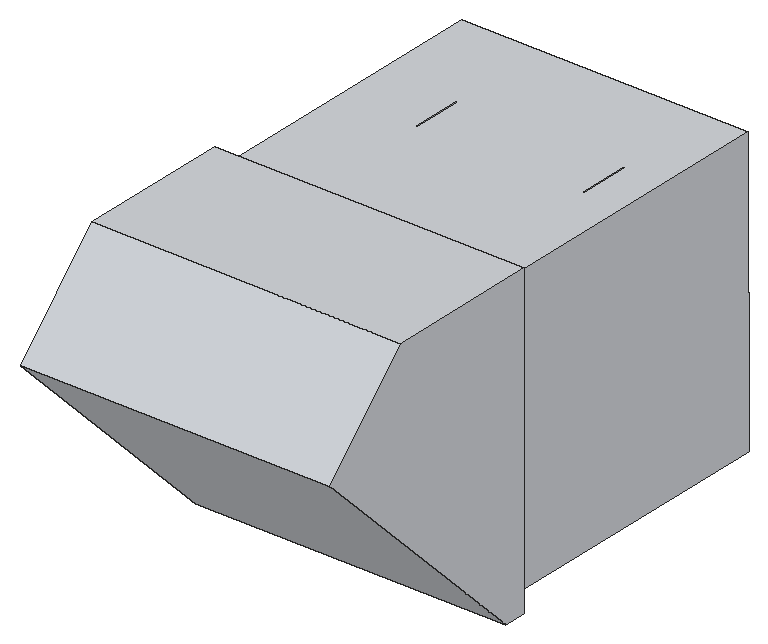
Revit family "EPB", category Mechanical Equipment, Revit 2019
Family settings
  Round Connector Dimension = Use Diameter
  Part Type = Normal
  Work Plane-Based = No
  Always vertical = Yes
  Cut with Voids When Loaded = No
  Shared = No
  Room Calculation Point = No
Parameters (values of type "24_EPB")
  WO_PAC = B_PAC + 0' 0 1/4"  # 3' - 1 1/4"
  WH_C = 3' - 7"
  WH_B/2 = WH_B / 2  # 1' - 8"
  WH_B = 3' - 4"
  WH_A = 2' - 7 7/16"
  WEATHER_HOOD [instance] = yes
  Unit Weight [instance] = ""
  Sones [instance] = ""
  SIZE/2 = SIZE / 2  # 1' - 2 15/16"
  SIZE = D - 0' 0 1/8"  # 2' - 5 7/8"
  Motor RPM [instance] = ""
  Motor Enclosure [instance] = ""
  ModelID [instance] = ""
  MOTOR = D / 10  # 0' - 3"
  LwA [instance] = ""
  Fan RPM [instance] = ""
  D_PAC/2 = D_PAC / 2 - 0' 4"  # 1' - 3"
  D_PAC = 3' - 2"
  D/2 = D / 2  # 1' - 3"
  D = 2' - 6"
  E/2 = E / 2  # 0' - 1 1/2"
  E = 0' - 3"  # constant formula
  C_PAC/2 = C_PAC / 2  # 1' - 4 3/4"
  C_PAC = 2' - 9 1/2"
  C/2 = C / 2  # 0' - 3 5/16"
  C = 0' - 6 5/8"
  B_PAC/2 = B_PAC / 2  # 1' - 6 1/2"
  B_PAC = 3' - 1"
  B/4 = B / 4  # 0' - 5"
  B/2 = B / 2  # 0' - 10"
  B = 1' - 8"
  Accessories [instance] = ""
  A_PAC/2 = A_PAC / 2  # 1' - 7 3/4"
  A_PAC = 3' - 3 1/2"
  A/7 = A / 7  # 0' - 5.16964"
  A/3.5 = A / 3.5  # 0' - 10.33929"
  A/2 = A / 2  # 1' - 6 3/32"
  A = 3' - 0 3/16"
  90 = 90.00°
  9" = 0' - 9"  # constant formula
  4'6" = 4' - 6"  # constant formula
  3" = 0' - 3"  # constant formula
  Brake Hp [instance] = ""
  4" = 0' - 4"  # constant formula
  2' = 2' - 0"
  2" = 0' - 2"  # constant formula
  135 = 135.00°
  1" = 0' - 1"  # constant formula
  0 = 0' - 0"  # constant formula
  Voltage [instance] = 0 V
  URL = "www.lorencook.com"
  Type Comments = "Packaged Exhaust Wall Fan Extruded Aluminum Propeller Belt Drive"  # constant formula
  Static Pressure [instance] = 0.00 in-wg
  Power [instance] = Voltage * Motor FLA * sqrt(if(Phase = 3, 3, 1))  # 0 VA
  Phase [instance] = 0
  Number of Poles [instance] = 1
  Motor Hp [instance] = "0"
  Motor FLA [instance] = 0 A
  Model = "EPB"  # constant formula
  Manufacturer = "Loren Cook Company"
  CFM [instance] = 0 CFM
  1.5 = 0' - 1 1/2"  # constant formula
  HALF = 0' - 0 1/2"  # constant formula
  ONE EIGTH = 0' - 0 1/8"  # constant formula
  -WH_B/2 = -WH_B / 2  # -1' - 8"
  -D_PAC/2 = -D_PAC / 2 - 0' 4"  # -1' - 11"
  -D = -E  # -0' - 3"
  -C/2 = -C / 2  # -0' - 3 5/16"
  -B+1" = -B + 0' 2"  # -1' - 6"
  -B = -B  # -1' - 8"
  -((SIZE/2)-.25") = -((SIZE / 2) - 0' 0 1/4")  # -1' - 2 11/16"
  -((A/2)-C-.5") = -((A / 2) - C - 0' 0 1/2")  # -0' - 10 31/32"
  (SIZE/2)-.25" = (SIZE / 2) - 0' 0 1/4"  # 1' - 2 11/16"
  (D_SUP/2)-(C/2)-.125" = (D / 2) - (C / 2) - 0' 0 1/8"  # 0' - 11 9/16"
  (A/2)-C-.5" = (A / 2) - C - 0' 0 1/2"  # 0' - 10 31/32"
  (A/2)-1" = (A / 2) - 0' 0 1/4"  # 1' - 5 27/32"
Types (9): name | WO_PAC | WH_C | WH_B/2 | WH_B | WH_A | SIZE/2 | SIZE | MOTOR | D_PAC/2 | D_PAC | D/2 | D | C_PAC/2 | C_PAC | C/2 | C | B_PAC/2 | B_PAC | B/4 | B/2 | B | A_PAC/2 | A_PAC | A/7 | A/3.5 | A/2 | A | -WH_B/2 | -D_PAC/2 | -C/2 | -B+1" | -B | -((SIZE/2)-.25") | -((A/2)-C-.5") | (SIZE/2)-.25" | (D_SUP/2)-(C/2)-.125" | (A/2)-C-.5" | (A/2)-1"
  (no name) | 3' - 1 1/4" | 3' - 7" | 1' - 8" | 3' - 4" | 2' - 7 7/16" | 1' - 2 15/16" | 2' - 5 7/8" | 0' - 3" | 1' - 3" | 3' - 2" | 1' - 3" | 2' - 6" | 1' - 4 3/4" | 2' - 9 1/2" | 0' - 3 5/16" | 0' - 6 5/8" | 1' - 6 1/2" | 3' - 1" | 0' - 5" | 0' - 10" | 1' - 8" | 1' - 7 3/4" | 3' - 3 1/2" | 0' - 5.16964" | 0' - 10.33929" | 1' - 6 3/32" | 3' - 0 3/16" | -1' - 8" | -1' - 11" | -0' - 3 5/16" | -1' - 6" | -1' - 8" | -1' - 2 11/16" | -0' - 10 31/32" | 1' - 2 11/16" | 0' - 11 9/16" | 0' - 10 31/32" | 1' - 5 27/32"
  24_EPB | 3' - 1 1/4" | 3' - 7" | 1' - 8" | 3' - 4" | 2' - 7 7/16" | 1' - 2 15/16" | 2' - 5 7/8" | 0' - 3" | 1' - 3" | 3' - 2" | 1' - 3" | 2' - 6" | 1' - 4 3/4" | 2' - 9 1/2" | 0' - 3 5/16" | 0' - 6 5/8" | 1' - 6 1/2" | 3' - 1" | 0' - 5" | 0' - 10" | 1' - 8" | 1' - 7 3/4" | 3' - 3 1/2" | 0' - 5.16964" | 0' - 10.33929" | 1' - 6 3/32" | 3' - 0 3/16" | -1' - 8" | -1' - 11" | -0' - 3 5/16" | -1' - 6" | -1' - 8" | -1' - 2 11/16" | -0' - 10 31/32" | 1' - 2 11/16" | 0' - 11 9/16" | 0' - 10 31/32" | 1' - 5 27/32"
  30_EPB | 3' - 7 1/4" | 4' - 1" | 1' - 11" | 3' - 10" | 2' - 11 11/16" | 1' - 5 15/16" | 2' - 11 7/8" | 0' - 3.6" | 1' - 3 3/4" | 3' - 3 1/2" | 1' - 6" | 3' - 0" | 1' - 7 3/4" | 3' - 3 1/2" | 0' - 3 3/8" | 0' - 6 3/4" | 1' - 9 1/2" | 3' - 7" | 0' - 5 1/4" | 0' - 10 1/2" | 1' - 9" | 1' - 10 3/4" | 3' - 9 1/2" | 0' - 6.02679" | 1' - 0.05357" | 1' - 9 3/32" | 3' - 6 3/16" | -1' - 11" | -1' - 11 3/4" | -0' - 3 3/8" | -1' - 7" | -1' - 9" | -1' - 5 11/16" | -1' - 1 27/32" | 1' - 5 11/16" | 1' - 2 1/2" | 1' - 1 27/32" | 1' - 8 27/32"
  36_EPB | 4' - 1 5/16" | 4' - 7" | 2' - 2" | 4' - 4" | 3' - 3 15/16" | 1' - 8 15/16" | 3' - 5 7/8" | 0' - 4.2" | 1' - 4 1/2" | 3' - 5" | 1' - 9" | 3' - 6" | 1' - 10 3/4" | 3' - 9 1/2" | 0' - 3 5/8" | 0' - 7 1/4" | 2' - 0 17/32" | 4' - 1 1/16" | 0' - 5 1/4" | 0' - 10 1/2" | 1' - 9" | 2' - 1 3/4" | 4' - 3 1/2" | 0' - 6.88393" | 1' - 1.76786" | 2' - 0 3/32" | 4' - 0 3/16" | -2' - 2" | -2' - 0 1/2" | -0' - 3 5/8" | -1' - 7" | -1' - 9" | -1' - 8 11/16" | -1' - 4 11/32" | 1' - 8 11/16" | 1' - 5 1/4" | 1' - 4 11/32" | 1' - 11 27/32"
  42_EPB | 4' - 7 5/16" | 5' - 1" | 2' - 5" | 4' - 10" | 3' - 8 3/16" | 1' - 11 15/16" | 3' - 11 7/8" | 0' - 4.8" | 1' - 9 1/2" | 4' - 3" | 2' - 0" | 4' - 0" | 2' - 1 3/4" | 4' - 3 1/2" | 0' - 4 1/32" | 0' - 8 1/16" | 2' - 3 17/32" | 4' - 7 1/16" | 0' - 5 1/4" | 0' - 10 1/2" | 1' - 9" | 2' - 4 3/4" | 4' - 9 1/2" | 0' - 7.74107" | 1' - 3.48214" | 2' - 3 3/32" | 4' - 6 3/16" | -2' - 5" | -2' - 5 1/2" | -0' - 4 1/32" | -1' - 7" | -1' - 9" | -1' - 11 11/16" | -1' - 6 17/32" | 1' - 11 11/16" | 1' - 7 27/32" | 1' - 6 17/32" | 2' - 2 27/32"
  48_EPB | 5' - 1 3/8" | 5' - 7" | 2' - 8" | 5' - 4" | 4' - 0 7/16" | 2' - 2 15/16" | 4' - 5 7/8" | 0' - 5.4" | 1' - 8" | 4' - 0" | 2' - 3" | 4' - 6" | 2' - 4 3/4" | 4' - 9 1/2" | 0' - 4 1/32" | 0' - 8 1/16" | 2' - 6 9/16" | 5' - 1 1/8" | 0' - 6" | 1' - 0" | 2' - 0" | 2' - 7 3/4" | 5' - 3 1/2" | 0' - 8.59821" | 1' - 5.19643" | 2' - 6 3/32" | 5' - 0 3/16" | -2' - 8" | -2' - 4" | -0' - 4 1/32" | -1' - 10" | -2' - 0" | -2' - 2 11/16" | -1' - 9 17/32" | 2' - 2 11/16" | 1' - 10 27/32" | 1' - 9 17/32" | 2' - 5 27/32"
  54_EPB | 5' - 7 3/8" | 6' - 1" | 2' - 11" | 5' - 10" | 4' - 4 5/8" | 2' - 5 15/16" | 4' - 11 7/8" | 0' - 6" | 1' - 8" | 4' - 0" | 2' - 6" | 5' - 0" | 2' - 7 3/4" | 5' - 3 1/2" | 0' - 4 1/32" | 0' - 8 1/16" | 2' - 9 9/16" | 5' - 7 1/8" | 0' - 6 3/4" | 1' - 1 1/2" | 2' - 3" | 2' - 10 3/4" | 5' - 9 1/2" | 0' - 9.45536" | 1' - 6.91071" | 2' - 9 3/32" | 5' - 6 3/16" | -2' - 11" | -2' - 4" | -0' - 4 1/32" | -2' - 1" | -2' - 3" | -2' - 5 11/16" | -2' - 0 17/32" | 2' - 5 11/16" | 2' - 1 27/32" | 2' - 0 17/32" | 2' - 8 27/32"
  60_EPB | 6' - 1 3/8" | 6' - 7" | 3' - 2" | 6' - 4" | 4' - 8 13/16" | 2' - 8 15/16" | 5' - 5 7/8" | 0' - 6.6" | 1' - 8" | 4' - 0" | 2' - 9" | 5' - 6" | 2' - 10 3/4" | 5' - 9 1/2" | 0' - 4 1/32" | 0' - 8 1/16" | 3' - 0 9/16" | 6' - 1 1/8" | 0' - 6 3/4" | 1' - 1 1/2" | 2' - 3" | 3' - 1 3/4" | 6' - 3 1/2" | 0' - 10 5/16" | 1' - 8 5/8" | 3' - 0 3/32" | 6' - 0 3/16" | -3' - 2" | -2' - 4" | -0' - 4 1/32" | -2' - 1" | -2' - 3" | -2' - 8 11/16" | -2' - 3 17/32" | 2' - 8 11/16" | 2' - 4 27/32" | 2' - 3 17/32" | 2' - 11 27/32"
  72_EPB | 7' - 1 3/8" | 7' - 7" | 3' - 8" | 7' - 4" | 5' - 5 7/16" | 3' - 3 1/16" | 6' - 6 1/8" | 0' - 7.825" | 1' - 9 1/2" | 4' - 3" | 3' - 3 1/8" | 6' - 6 1/4" | 3' - 4 3/4" | 6' - 9 1/2" | 0' - 4 5/8" | 0' - 9 1/4" | 3' - 6 9/16" | 7' - 1 1/8" | 0' - 6 3/4" | 1' - 1 1/2" | 2' - 3" | 3' - 7 3/4" | 7' - 3 1/2" | 1' - 0.02679" | 2' - 0.05357" | 3' - 6 3/32" | 7' - 0 3/16" | -3' - 8" | -2' - 5 1/2" | -0' - 4 5/8" | -2' - 1" | -2' - 3" | -3' - 2 13/16" | -2' - 8 11/32" | 3' - 2 13/16" | 2' - 10 3/8" | 2' - 8 11/32" | 3' - 5 27/32"
Reference planes (in)
  plane 1 "Center (Front/Back)": y = 0
  plane 2: z = 0
  plane 3 "Center (Left/Right)": x = 0.40541
Forms (in)
  Revolve 1, solid
    sketch origin (0.40541, 0, 0) x (0, 1, 0) y (0, 0, 1)
      loop
        line (-4.3125, 3.3125) -> (-4.3125, 0) -> (-3.3125, 0) -> (-3.3125, 3.3125) -> (-4.3125, 3.3125)
      axis (-4.3125, 0) -> (-3.3125, 0)
    angle from 0 to 360
  Extrusion 2, solid
    sketch origin (0.40541, 0, 0) x (0, 1, 0) y (0, 0, 1)
      loop
        line (0, -3.3125) -> (-6.625, 3.3125) -> (-6.71339, 3.22411) -> (-0.08839, -3.40089) -> (0, -3.3125)
    from 48 to 3.3125 <- "C/2"
  Extrusion 3, solid
    sketch origin (0.40541, 0, 0) x (0, 1, 0) y (-1, 0, 0)
      loop
        line (0, -3.3125) -> (-6.625, 3.3125) -> (-6.71339, 3.22411) -> (-0.08839, -3.40089) -> (0, -3.3125)
    from 48 to 3.3125 <- "C/2"
  Extrusion 4, solid
    sketch origin (0.40541, 0, 0) x (0, 1, 0) y (0, 0, -1)
      loop
        line (0, -3.3125) -> (-6.625, 3.3125) -> (-6.71339, 3.22411) -> (-0.08839, -3.40089) -> (0, -3.3125)
    from 48 to 3.3125 <- "C/2"
  Extrusion 5, solid
    sketch origin (0.40541, 0, 0) x (1, 0, 0) y (0, 1, 0)
      loop
        line (-3.3125, 0) -> (-3.40089, -0.08839) -> (3.22411, -6.71339) -> (3.3125, -6.625) -> (-3.3125, 0)
    from -48 to -3.3125 <- "-C/2"
  Extrusion 6, void
    sketch origin (0, 0, 0) x (1, 0, 0) y (0, 0, 1)
      loop
        circle (0.40541, 0) r 11.5625
      loop
        circle (0.40541, 0) r 54
    from 0 to 10
  Extrusion 7, solid
    sketch origin (0, 0, 0) x (1, 0, 0) y (0, 0, 1)
      loop
        line (-17.68834, 18.09375) -> (-17.68834, -18.09375) -> (18.49916, -18.09375) -> (18.49916, 18.09375) -> (-17.68834, 18.09375)
      loop
        circle (0.40541, 0) r 15
    from 0 to -0.125
  Extrusion 8, solid
    sketch origin (0, 0, 0) x (1, 0, 0) y (0, 0, 1)
      loop
        line (-17.68834, 18.09375) -> (-17.68834, -18.09375) -> (18.49916, -18.09375) -> (18.49916, 18.09375) -> (-17.68834, 18.09375)
      loop
        line (18.37416, -17.96875) -> (18.37416, 17.96875) -> (-17.56334, 17.96875) -> (-17.56334, -17.96875) -> (18.37416, -17.96875)
    from 0 to -3 <- "-D"
  Extrusion 9, solid
    sketch origin (0, 0, 0) x (1, 0, 0) y (0, 0, 1)
      loop
        circle (0.40541, 0) r 1
    from 2 to -20 <- "-B"
  Extrusion 10, solid
    sketch origin (0, 0, 0) x (1, 0, 0) y (0, 0, 1)
      loop
        line (-9.93387, -2) -> (-9.93387, -11) -> (-9.80887, -11) -> (-9.80887, -3.5) -> (10.6197, -3.5) -> (10.6197, -11) -> (10.7447, -11) -> (10.7447, -2) -> (-9.93387, -2)
    from 0 to -18 <- "-B+1""
  Sweep 11, solid
    path origin (0.40541, 0, 0) x (0, 1, 0) y (0, 0, 1)
      loop
        line (0.125, 16.96875) -> (12, 16.96875)
        arc (12, 16.96875) -> (15.53553, 15.50428) -> (17, 11.96875) r 5
        line (17, 11.96875) -> (17, -11.96875)
        arc (17, -11.96875) -> (15.53553, -15.50428) -> (12, -16.96875) r 5
        line (12, -16.96875) -> (0.125, -16.96875)
    profile origin (0.40541, 6.0625, 16.96875) x (0, 0, 1) y (1, 0, 0)
      loop
        circle (0, -10.83929) r 0.5
      loop
        circle (0, 10.83929) r 0.5
  Revolve 12, solid
    sketch origin (0.40541, 0, 0) x (0, 1, 0) y (0, 0, 1)
      loop
        arc (-0.125, 15) -> (-3.4375, 11.6875) -> (-6.75, 15) r 3.3125
        line (-6.75, 15) -> (-6.875, 15)
        arc (-6.875, 15) -> (-3.4375, 11.5625) -> (0, 15) r 3.4375
        line (0, 15) -> (-0.125, 15)
      axis (-6.875, 0) -> (0, 0)
    angle from 0 to 360
  Extrusion 13, solid
    sketch origin (0, 18, 0) x (-1, 0, 0) y (0, 0, 1)
      loop
        circle (-0.40541, -6.5) r 3
    from 0 to -18 <- "-B+1""
  Extrusion 14, solid
    sketch origin (0, 20, 0) x (-1, 0, 0) y (0, 0, 1)
      loop
        circle (-0.40541, -6.5) r 1
    from 0 to -2
  Extrusion 15, solid
    sketch origin (0, 18, 0) x (-1, 0, 0) y (0, 0, 1)
      loop
        line (-3.40541, -0.5) -> (-3.40541, -2) -> (2.59459, -2) -> (2.59459, -0.5) -> (1.53108, -0.5)
        arc (1.53108, -0.5) -> (-0.40541, 2) -> (-2.3419, -0.5) r 2
        line (-2.3419, -0.5) -> (-3.40541, -0.5)
    from -2.5 to -1
  Extrusion 16, solid
    sketch origin (0, 0, 0) x (1, 0, 0) y (0, 0, 1)
      loop
        arc (2.3419, -0.5) -> (0.40541, 2) -> (-1.53108, -0.5) r 2
        line (-1.53108, -0.5) -> (-2.59459, -0.5) -> (-2.59459, -2) -> (3.40541, -2) -> (3.40541, -0.5) -> (2.3419, -0.5)
    from -2.5 to -1
  Extrusion 17, solid
    sketch origin (0, 0, 0) x (1, 0, 0) y (0, 0, 1)
      loop
        line (-17.96959, 18.375) -> (-17.96959, -18.375) -> (18.78041, -18.375) -> (18.78041, 18.375) -> (-17.96959, 18.375)
      loop
        line (18.90541, -18.5) -> (18.90541, 18.5) -> (-18.09459, 18.5) -> (-18.09459, -18.5) -> (18.90541, -18.5)
    from -23 <- "-D_PAC/2" to 15 <- "D_PAC/2"
  Extrusion 18, solid
    sketch origin (0, -15, 0) x (1, 0, 0) y (0, 0, 1)
      loop
        line (-16.34459, 16.75) -> (-16.34459, -16.75) -> (17.15541, -16.75) -> (17.15541, 16.75) -> (-16.34459, 16.75)
      loop
        line (20.15541, -19.75) -> (20.15541, 19.75) -> (-19.34459, 19.75) -> (-19.34459, -19.75) -> (20.15541, -19.75)
    from 0 to 0.125
  Extrusion 19, solid
    sketch origin (0, -15.125, 0) x (1, 0, 0) y (0, 0, 1)
      loop
        line (-14.34459, 14.75) -> (-14.34459, -14.75) -> (15.15541, -14.75) -> (15.15541, 14.75) -> (-14.34459, 14.75)
      loop
        line (17.15541, -16.75) -> (17.15541, 16.75) -> (-16.34459, 16.75) -> (-16.34459, -16.75) -> (17.15541, -16.75)
    from 0 to 2
  Extrusion 20, solid, visible <- "WEATHER_HOOD"
    sketch origin (0.40541, 0, 0) x (0, 1, 0) y (0, 0, 1)
      loop
        line (-15.125, 20) -> (-35, 20) -> (-46.5625, 8.4375) -> (-18.125, -20) -> (-15.125, -20) -> (-15.125, 20)
    from 20 <- "WH_B/2" to -20 <- "-WH_B/2"
Cuts and joins
  Extrusion 6 cuts Revolve 1
  Extrusion 6 cuts Extrusion 2
  Extrusion 6 cuts Extrusion 3
  Extrusion 6 cuts Extrusion 4
  Extrusion 6 cuts Extrusion 5
Dimensions and locks (in)
  "0": Revolve 1 sketch curve to level  (x2)
  "C/2": Revolve 1 sketch curve to level
  "C/2": plane 1 "Center (Front/Back)" to Revolve 1 sketch curve
  "1"": Revolve 1 sketch curve to Revolve 1 sketch curve
  "0": Extrusion 2 sketch curve to plane 1 "Center (Front/Back)"
  "C": plane 1 "Center (Front/Back)" to Extrusion 2 sketch curve
  "C/2": Extrusion 2 sketch curve to level
  "C/2": level to Extrusion 2 sketch curve
  "ONE EIGTH": Extrusion 2 sketch curve to Extrusion 2 sketch curve
  "ONE EIGTH": Extrusion 3 sketch curve to Extrusion 3 sketch curve
  "ONE EIGTH": Extrusion 4 sketch curve to Extrusion 4 sketch curve
  "ONE EIGTH": Extrusion 5 sketch curve to Extrusion 5 sketch curve
  Extrusion 6 sketch curve to plane 3 "Center (Left/Right)" = 0' - 0"  (x2)
  level to Extrusion 6 sketch curve = 0' - 0"
  Extrusion 6 sketch curve to level = 0' - 0"
  "0": Extrusion 3 sketch curve to plane 1 "Center (Front/Back)"
  "C": Extrusion 3 sketch curve to plane 1 "Center (Front/Back)"
  "C/2": plane 3 "Center (Left/Right)" to Extrusion 3 sketch curve
  "C/2": Extrusion 3 sketch curve to plane 3 "Center (Left/Right)"
  "C": plane 1 "Center (Front/Back)" to Extrusion 4 sketch curve
  "0": Extrusion 4 sketch curve to plane 1 "Center (Front/Back)"
  "C/2": level to Extrusion 4 sketch curve
  "C/2": Extrusion 4 sketch curve to level
  "0": Extrusion 5 sketch curve to plane 1 "Center (Front/Back)"
  "C": Extrusion 5 sketch curve to plane 1 "Center (Front/Back)"
  "C/2": plane 3 "Center (Left/Right)" to Extrusion 5 sketch curve
  "C/2": Extrusion 5 sketch curve to plane 3 "Center (Left/Right)"
  "A/2": plane 3 "Center (Left/Right)" to Extrusion 7 sketch curve
  "A/2": Extrusion 7 sketch curve to plane 3 "Center (Left/Right)"
  "A/2": Extrusion 7 sketch curve to level
  "A/2": level to Extrusion 7 sketch curve
  "0": Extrusion 7 sketch curve to level
  "0": Extrusion 7 sketch curve to plane 3 "Center (Left/Right)"
  "ONE EIGTH": Extrusion 8 sketch curve to Extrusion 8 sketch curve  (x4)
  "A/2": plane 3 "Center (Left/Right)" to Extrusion 8 sketch curve  (x2)
  "A/2": level to Extrusion 8 sketch curve
  "A/2": Extrusion 8 sketch curve to level
  "0": Extrusion 9 sketch curve to level
  "0": Extrusion 9 sketch curve to plane 3 "Center (Left/Right)"
  "2"": level to Extrusion 10 sketch curve
  "9"": Extrusion 10 sketch curve to Extrusion 10 sketch curve  (x2)
  "A/3.5": Extrusion 10 sketch curve to plane 3 "Center (Left/Right)"
  "A/3.5": plane 3 "Center (Left/Right)" to Extrusion 10 sketch curve
  "ONE EIGTH": Sweep 11 sketch curve to plane 1 "Center (Front/Back)"  (x2)
  "1"": Extrusion 8 to Sweep 11 sketch curve  (x2)
  "0": Sweep 11 sketch curve to profile plane  (x2)
  "HALF": Sweep 11 sketch curve to Extrusion 10  (x2)
  "0": Revolve 12 sketch curve to level
  "D/2": Revolve 12 sketch curve to level  (x2)
  "C": Revolve 12 sketch curve to Revolve 12 sketch curve
  "ONE EIGTH": plane 1 "Center (Front/Back)" to Revolve 12 sketch curve
  "ONE EIGTH": Revolve 12 sketch curve to Revolve 12 sketch curve  (x2)
  "0": Revolve 12 sketch curve to Revolve 12 sketch curve
  "ONE EIGTH": Extrusion 10 sketch curve to Extrusion 10 sketch curve  (x2)
  "1.5": Extrusion 10 sketch curve to Extrusion 10 sketch curve
  "1"": Extrusion 10 to Sweep 11 sketch curve
  "0": Extrusion 13 sketch curve to plane 3 "Center (Left/Right)"
  "MOTOR": Extrusion 13 sketch curve to Extrusion 10
  "0": Extrusion 14 sketch curve to plane 3 "Center (Left/Right)"
  "MOTOR": Extrusion 14 sketch curve to Extrusion 10
  "0": Extrusion 10 to Extrusion 15 sketch curve
  "1.5": Extrusion 15 sketch curve to Extrusion 15 sketch curve
  "3"": plane 3 "Center (Left/Right)" to Extrusion 15 sketch curve  (x2)
  "0": Extrusion 15 sketch curve to plane 3 "Center (Left/Right)"
  "0": level to Extrusion 15 sketch curve
  "0": Extrusion 16 sketch curve to plane 3 "Center (Left/Right)"
  "0": Extrusion 16 sketch curve to level
  "0": Extrusion 10 to Extrusion 16 sketch curve
  "1.5": Extrusion 10 to Extrusion 16 sketch curve
  "3"": plane 3 "Center (Left/Right)" to Extrusion 16 sketch curve  (x2)
  "ONE EIGTH": Extrusion 17 sketch curve to Extrusion 17 sketch curve  (x4)
  "B_PAC/2": Extrusion 17 sketch curve to level
  "B_PAC/2": level to Extrusion 17 sketch curve
  "B_PAC/2": plane 3 "Center (Left/Right)" to Extrusion 17 sketch curve  (x2)
  "C_PAC/2": plane 3 "Center (Left/Right)" to Extrusion 18 sketch curve  (x2)
  "A_PAC/2": Extrusion 18 sketch curve to plane 3 "Center (Left/Right)"
  "A_PAC/2": plane 3 "Center (Left/Right)" to Extrusion 18 sketch curve
  "A_PAC/2": Extrusion 18 sketch curve to level
  "A_PAC/2": level to Extrusion 18 sketch curve
  "C_PAC/2": level to Extrusion 18 sketch curve
  "C_PAC/2": Extrusion 18 sketch curve to level
  "2"": Extrusion 19 sketch curve to Extrusion 19 sketch curve  (x4)
  "C_PAC/2": Extrusion 19 sketch curve to level
  "C_PAC/2": level to Extrusion 19 sketch curve
  "C_PAC/2": plane 3 "Center (Left/Right)" to Extrusion 19 sketch curve  (x2)
  "3"": Extrusion 20 sketch curve to Extrusion 20 sketch curve
  "0": Extrusion 18 to Extrusion 20 sketch curve
  "WH_A": Extrusion 20 sketch curve to Extrusion 20 sketch curve
  "WH_B/2": Extrusion 20 sketch curve to level
  "WH_B/2": level to Extrusion 20 sketch curve
  "(D_SUP/2)-(C/2)-.125"": radius of Extrusion 6 sketch curve
  "D/2": radius of Extrusion 7 sketch curve
  "1"": radius of Extrusion 9 sketch curve
  "B/4": radius of Sweep 11 sketch curve  (x2)
  "HALF": radius of Sweep 11 sketch curve  (x2)
  "MOTOR": radius of Extrusion 13 sketch curve
  "1"": radius of Extrusion 14 sketch curve
  "2"": radius of Extrusion 15 sketch curve
  "2"": radius of Extrusion 16 sketch curve
  "4'6"": radius of Extrusion 6 sketch curve
  "135": angle Extrusion 20 sketch curve to Extrusion 20 sketch curve
  "90": angle Extrusion 20 sketch curve to Extrusion 20 sketch curve
Automatic sketch dimensions
  Revolve 1 sketch curve to plane 1 "Center (Front/Back)" = 0' - 0"
  Revolve 1 sketch curve to Revolve 1 sketch curve = 2' - 2"
  plane 1 "Center (Front/Back)" to Revolve 12 sketch curve = 0' - 3 1/4"
  Revolve 12 sketch curve to Revolve 12 sketch curve = 0' - 1.44822"
  Extrusion 15 sketch curve to Extrusion 15 sketch curve = 0' - 1.06351"
  Extrusion 16 sketch curve to Extrusion 16 sketch curve = 0' - 1.06351"
  Extrusion 16 sketch curve to Extrusion 16 sketch curve = 0' - 0"  (x2)
Connectors (in)
  electrical at (0.40541, 0, -6.5)
    settings: on Extrusion 13, index 2, voltage 0 V, apparent load 0 VA, apparent load phase1 0 VA, apparent load phase2 0 VA, apparent load phase3 0 VA, power factor 1, load classification "Other", number of poles 1, system type 30, power factor state 1, is connector primary yes, connector utility no, sub classification motor no, connector description ""
  hvac at (0.40541, -17.125, 0), driven by "CFM", driven by "WO_PAC", driven by "WO_PAC"
    settings: on Extrusion 19, index 3, duct flow 0 CFM, flow factor 0, pres drop 0.00 in-wg, loss coef 0, conn angle 0.00°, conn width 37 1/4", conn height 37 1/4", conn diameter 24", duct sys type 3, conn prof type 1, flow config 0, flow direction 2, loss method 0, conn ref index -1, conn util no, is conn primary yes, conn desc ""
  hvac at (0.40541, 23, 0), driven by "CFM", driven by "WO_PAC", driven by "WO_PAC"
    settings: on Extrusion 17, index 4, duct flow 0 CFM, flow factor 0, pres drop 0.00 in-wg, loss coef 0, conn angle 0.00°, conn width 37 1/4", conn height 37 1/4", conn diameter 24", duct sys type 3, conn prof type 1, flow config 0, flow direction 1, loss method 0, conn ref index -1, conn util no, is conn primary no, conn desc ""
